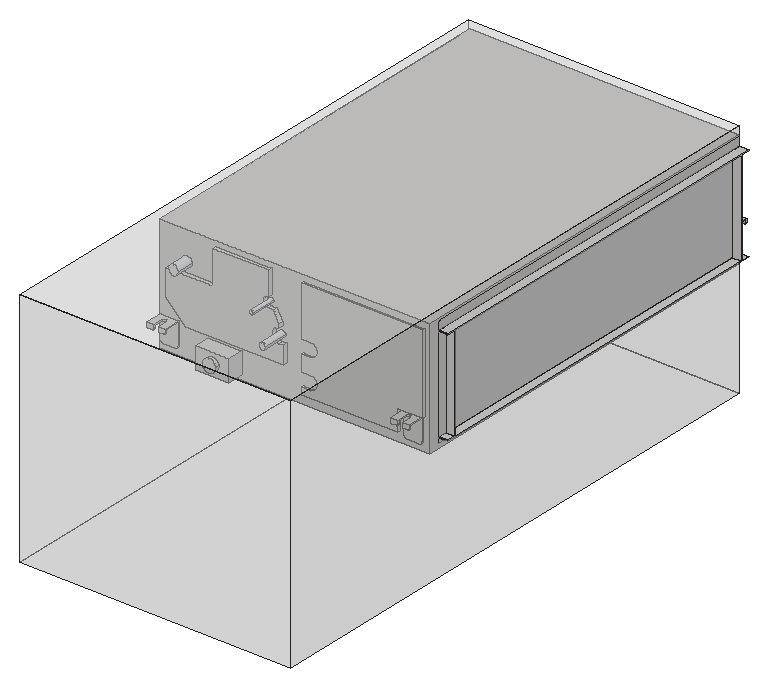
Revit family "outputfile", category 機械設備, Revit 2024
Family settings
  丸型コネクタ寸法 = 半径を使用
  パーツ タイプ = 標準
  OmniClass 番号 = 23.75.10.24.21.27.27
  OmniClass タイトル = Split System Air Conditioning Units
  作業面ベース = いいえ
  常に垂直 = はい
  ロード時にボイドで切り取り = いいえ
  注釈の向きを維持 = いいえ
  共有 = いいえ
  部屋計算ポイント = はい
Parameters (values of type "FXMQ80PAVS")
  Description = ""
  製造元 = "Daikin"
  書き出し IFC クラス(タイプ) = "IfcUnitaryEquipmentType"
  定義済み IFC タイプ(タイプ) = "AIRCONDITIONINGUNIT"
  Cost = 0
  モデル = "FXMQ80PAVS"
  Type Comments = ""
  Keynote = ""
  Type Image = (empty or 0)
  Assembly Code = ""
  r_Liquid Pipe Size = Liquid Pipe Size / 2  # 4.75 mm
  r_Gas Pipe Size = Gas Pipe Size / 2  # 7.95 mm
  r_Drain Pipe Size = Drain Pipe Size / 2  # 12.5 mm
  lw_power = 396.0 mm  # constant formula
  lh_SA = 165.0 mm  # constant formula
  lw_SA = if(Depth = 550.0 mm, 210.0 mm, if(Depth = 700.0 mm, 285.0 mm, if(Depth = 1000.0 mm, 435.0 mm, 635.0 mm)))  # 435.0 mm
  lw_RA = if(Depth = 550.0 mm, 288.0 mm, if(Depth = 700.0 mm, 363.0 mm, if(Depth = 1000.0 mm, 513.0 mm, 713.0 mm)))  # 513.0 mm
  lh_power = 60.0 mm + [h***]  # 60.0 mm
  lh_mountinghole1 = lh_mountinghole + [h***]  # 80.0 mm
  lh_RA = 150.0 mm  # constant formula
  ld_power = Depth / 2  # 500.0 mm
  Voltage_comment_50Hz = "220-240"
  Voltage_50Hz = 220 V
  URL = ""
  Supply Air Direction [instance] = yes
  Sound Power Level_H speed (dB) = 61
  Phase_50Hz = 1
  Minimum External Static Pressure = 50.00 Pa
  Minimum Circuit Amps_50Hz = 2.3 A
  Maximum Fuse Amps_50Hz = 16.0 A
  Maximum External Static Pressure = 200.00 Pa
  Material_Casing = DAIKIN_GalvanizedSteel_Casing_indoorunit
  lw_mountinghole = 631.0 mm  # constant formula
  lh_gaspipe = 144.0 mm + [h***]  # 144.0 mm
  lh_mountinghole = 80.0 mm  # constant formula
  lh_liquidpipe = 212.0 mm + [h***]  # 212.0 mm
  lh_drainpipe = 232.0 mm + [h***]  # 232.0 mm
  lh_antena = Height - lh_mountinghole + 1.0 mm  # 221.0 mm
  ld_drainpipe = Depth / 2 + 54.0 mm  # 554.0 mm
  ld_liquidpipe = 565.0 mm
  ld_gaspipe = 565.0 mm
  ld_mountinghole = Depth + 38.0 mm  # 1038.0 mm
  h*** = 0.0 mm  # constant formula
  lw_liquidpipe = 290.0 mm  # constant formula
  lw_gaspipe = 318.0 mm  # constant formula
  lw_drainpipe = 80.0 mm  # constant formula
  Width = 700.0 mm
  Version = "ver.1.0"
  Unit Type = "Middle-High Static Pressure Duct Type"
  Unit Mass Weight = 35.00 kg
  Unit Designation [instance] = ""
  Uniclass2015Version = "Products v1.30"
  Uniclass2015Title = "Variable refrigerant flow units"
  Uniclass2015Code = "Pr_70_65_03_94"
  Total Heating Capacity [instance] = 0.000 kW
  Total Cooling Capacity [instance] = 0.000 kW
  Sound Pressure Level_M speed (dBA) = 0
  Sound Pressure Level_L speed (dBA) = 39
  Sound Pressure Level_H speed (dBA) = 43
  Series = "VRV Fan Coil Unit"
  Sensible Cooling Capacity [instance] = 0.000 kW
  SA Duct Size Width = if(Depth = 550.0 mm, 310.0 mm, if(Depth = 700.0 mm, 460.0 mm, if(Depth = 1000.0 mm, 760.0 mm, 1160.0 mm)))  # 760.0 mm
  SA Duct Size Height = 215.0 mm
  Refrigerant Type = "R410A"
  RA Duct Size Width = if(Depth = 550.0 mm, 475.0 mm, if(Depth = 700.0 mm, 625.0 mm, if(Depth = 1000.0 mm, 925.0 mm, 1325.0 mm)))  # 925.0 mm
  RA Duct Size Height = 247.0 mm
  Power Input (Heating) = 0.286 kW
  Power Input (Cooling) = 0.298 kW
  Option Accessory 3 [instance] = ""
  Option Accessory 2 [instance] = ""
  Option Accessory 1 [instance] = ""
  Nominal Heating Capacity = 10.000 kW
  Nominal Cooling Capacity = 9.000 kW
  Minimum Airflow = 1200.00 m³/h
  Median Airflow = 1350.00 m³/h
  Maximum Airflow = 1500.00 m³/h
  Load Classification = HVAC
  Liquid Pipe Size = 9.5 mm
  Link_Nested Family [instance] = ""
  IfcVersion = "0"
  IfcExportType = "AIRCONDITIONINGUNIT"
  IfcExportAs = "IfcUnitaryEquipmentType"
  Height = 300.0 mm
  Heating Entering Wet Bulb Temperature [instance] = 0.00 °C
  Heating Entering Dry Bulb Temperature [instance] = 0.00 °C
  Heating Ambient Wet Bulb Temperature [instance] = 0.00 °C
  Heating Ambient Dry Bulb Temperature [instance] = 0.00 °C
  Heat Exchanger Type = "Cross Fin Coil"
  Gas Pipe Size = 15.9 mm
  Frequency_50Hz = 50 Hz
  Fan Type = "Sirocco Fan"
  Fan Drive = "Direct Drive"
  FCU Tag No. [instance] = ""
  Drain Pipe Size = 25.0 mm
  Design Supply Airflow [instance] = 0.00 m³/h
  Design Return Airflow [instance] = 0.00 m³/h
  Design External Static Pressure [instance] = 0.00 Pa
  Depth = 1000.0 mm
  既定の高さ = 0.0 mm
  Cooling Entering Wet Bulb Temperature [instance] = 0.00 °C
  Cooling Entering Dry Bulb Temperature [instance] = 0.00 °C
  Cooling Ambient Wet Bulb Temperature [instance] = 0.00 °C
  Cooling Ambient Dry Bulb Temperature [instance] = 0.00 °C
  Clearance visibility [instance] = yes
  Clearance Top = 20.0 mm
  Clearance Right = 0.0 mm
  Clearance Rear = 0.0 mm
  Clearance Left = 0.0 mm
  Clearance Front = 450.0 mm
  Clearance Bottom = 300.0 mm
Reference planes
  plane 1 "Center (Front/Back)": y = 0
  plane 2 "h": z = 0
  plane 3 "Center (Left/Right)": x = 0
  plane 4 "Back": y = 500
  plane 5 "Front": y = -500
  plane 6 "Left": x = -350
  plane 7 "Reight": x = 350
  plane 8 "Top": z = 0
  plane 9 "Bottom": z = -300
  plane 10: y = -215
  plane 11: y = 500
  plane 12: y = -950
  plane 13: x = -350
  plane 14: x = 350
  plane 15: z = 20
  plane 16: z = -600
  plane 17: x = -350
  plane 18: z = -135
  plane 19: x = -349
  plane 20: x = 349
  plane 21: y = 65
  plane 22: y = 13
  plane 23: z = -150
  plane 24: y = -510.8
  plane 25: z = -14
  plane 26: z = -219
  plane 27: x = -324
  plane 28: x = -60
  plane 29: x = -20
  plane 30: z = -156
  plane 31: x = -32
  plane 32: z = -88
  plane 33: x = 23
  plane 34: x = 335
  plane 35: z = -15.8
  plane 36: z = -274.8
  plane 37: z = -219.8
  plane 38: x = 271
  plane 39: x = -223.3
  plane 40: x = -138.3
  plane 41: z = -232.7
  plane 42: z = -288.5
  plane 43: y = -541
  plane 44: x = -181
  plane 45: z = -260
  plane 46: y = -551
  plane 47: z = -163.8
  plane 48: z = -239.8
  plane 49: x = 46
  plane 50: z = -88
  plane 51: x = -60
  plane 52: y = -565
  plane 53: z = -156
  plane 54: x = -32
  plane 55: y = -554
  plane 56: z = -68
  plane 57: x = -270
  plane 58: x = -270
  plane 59: x = -60
  plane 60: x = -32
  plane 61: x = 46
  plane 62: x = -323
  plane 63: x = 308
  plane 64: y = -519
  plane 65: y = 519
  plane 66: z = -220
  plane 67: y = -506
  plane 68: x = -204
  plane 69: z = -100.2
  plane 70: x = -374
  plane 71: x = 374
Forms (mm)
  Extrusion 1, solid, material "DAIKIN_GalvanizedSteel_Casing_indoorunit" <- "Material_Casing"
    sketch origin (0, 0, 0) x (1, 0, 0) y (0, 1, 0)
      loop
        line (-349, 500) -> (-349, -500) -> (349, -500) -> (349, 500) -> (-349, 500)
    from -300 to 0
  Extrusion 2, solid, material "DAIKIN_GalvanizedSteel_Casing_indoorunit" <- "Material_Casing"
    sketch origin (0, 0, 0) x (1, 0, 0) y (0, 0, 1)
      loop
        line (-324, -100.2) -> (-324, -168) -> (-273, -219) -> (-20, -219) -> (-20, -173.5) -> (-32, -173.5)
        arc (-32, -173.5) -> (-49.5, -156) -> (-32, -138.5) r 17.5
        line (-32, -138.5) -> (-32, -127.5) -> (-47, -101) -> (-60, -101)
        arc (-60, -101) -> (-73, -88) -> (-60, -75) r 13
        line (-60, -75) -> (-60, -14) -> (-204, -14) -> (-204, -100.2) -> (-324, -100.2)
    from 500 to 510.8
  Extrusion 3, solid, material "DAIKIN_GalvanizedSteel_Casing_indoorunit" <- "Material_Casing"
    sketch origin (0, 0, 0) x (1, 0, 0) y (0, 0, 1)
      loop
        line (23, -274.8) -> (271, -274.8) -> (271, -219.8) -> (335, -219.8) -> (335, -15.8) -> (23, -15.8) -> (23, -146.3) -> (46, -146.3)
        arc (46, -146.3) -> (63.5, -163.8) -> (46, -181.3) r 17.5
        line (46, -181.3) -> (23, -181.3) -> (23, -222.3) -> (46, -222.3)
        arc (46, -222.3) -> (63.5, -239.8) -> (46, -257.3) r 17.5
        line (46, -257.3) -> (23, -257.3) -> (23, -274.8)
    from 500 to 506
  Extrusion 4, solid, material "DAIKIN_GalvanizedSteel_Casing_indoorunit" <- "Material_Casing"
    sketch origin (0, 0, 0) x (1, 0, 0) y (0, 0, 1)
      loop
        line (-223.3, -232.7) -> (-223.3, -288.5) -> (-138.3, -288.5) -> (-138.3, -232.7) -> (-223.3, -232.7)
    from 500 to 541
  Extrusion 5, solid, material "DAIKIN_GalvanizedSteel_Casing_indoorunit" <- "Material_Casing"
    sketch origin (0, 0, 0) x (1, 0, 0) y (0, 0, 1)
      loop
        circle (-181, -260) r 16.5
    from 541 to 551
  Extrusion 6, solid
    sketch origin (0, 0, 0) x (1, 0, 0) y (0, 0, 1)
      loop
        circle (-60, -88) r 4.75
    from 500 to 565
  Extrusion 7, solid
    sketch origin (0, 0, 0) x (1, 0, 0) y (0, 0, 1)
      loop
        circle (-32, -156) r 7.95
    from 500 to 565
  Extrusion 8, solid
    sketch origin (0, 0, 0) x (1, 0, 0) y (0, 0, 1)
      loop
        circle (-270, -68) r 12.5
    from 510.8 to 554
Dimensions and locks
  "Height": plane 8 "Top" to plane 9 "Bottom"
  equal spacing: plane 4 "Back", plane 1 "Center (Front/Back)", plane 5 "Front"
  "Depth": plane 4 "Back" to plane 5 "Front"
  equal spacing: plane 6 "Left", plane 3 "Center (Left/Right)", plane 7 "Reight"
  "Width": plane 6 "Left" to plane 7 "Reight"
  "Clearance Left": plane 13 to plane 6 "Left"
  "Clearance Right": plane 7 "Reight" to plane 14
  "Clearance Rear": plane 11 to plane 4 "Back"
  "Clearance Front": plane 5 "Front" to plane 12
  "Clearance Top": plane 15 to plane 8 "Top"
  "Clearance Bottom": plane 9 "Bottom" to plane 16
  "lh_SA": plane 18 to plane 9 "Bottom"
  locked: plane 17 to plane 19 at 1
  locked: plane 20 to plane 14 at 1
  "lw_SA": plane 11 to plane 21
  "lw_RA": plane 22 to plane 5 "Front"
  "lh_RA": plane 23 to plane 9 "Bottom"
  locked: plane 5 "Front" to plane 24 at 10.8
  plane 29 to plane 28 to plane 27 to plane 6 "Left" = 40.0 mm, 264.0 mm, 26.0 mm
  locked: plane 31 to plane 6 "Left" at 318
  plane 34 to plane 33 to plane 6 "Left" = 312.0 mm locked, 373.0 mm locked
  locked: plane 34 to plane 38 at 64
  locked: plane 37 to plane 36 at 55
  plane 40 to plane 39 to plane 6 "Left" = 85.0 mm locked, 126.7 mm locked
  locked: plane 5 "Front" to plane 43 at 41
  locked: plane 44 to plane 6 "Left" at 169
  locked: plane 43 to plane 46 at 10
  plane 47 to plane 48 to plane 36 = 76.0 mm locked, 35.0 mm locked
  locked: plane 49 to plane 33 at 23
  "lw_liquidpipe": plane 51 to plane 6 "Left"
  "lh_liquidpipe": plane 50 to plane 9 "Bottom"
  "lh_gaspipe": plane 53 to plane 9 "Bottom"
  "lw_gaspipe": plane 54 to plane 6 "Left"
  "ld_gaspipe": plane 52 to plane 1 "Center (Front/Back)"
  "ld_drainpipe": plane 55 to plane 1 "Center (Front/Back)"
  "lh_drainpipe": plane 56 to plane 9 "Bottom"
  "lw_drainpipe": plane 57 to plane 6 "Left"
  "lw_drainpipe": plane 6 "Left" to plane 58
  "lw_liquidpipe": plane 6 "Left" to plane 59
  "lw_gaspipe": plane 6 "Left" to plane 60
  "lw_power": plane 6 "Left" to plane 61
  plane 17 to plane 62 = 27.0 mm
  "lw_mountinghole": plane 62 to plane 63
  equal spacing: plane 64, plane 1 "Center (Front/Back)", plane 65
  "ld_mountinghole": plane 65 to plane 64
  "lh_mountinghole": plane 66 to plane 9 "Bottom"
  plane 8 "Top" to plane 41 to plane 42 = 232.7 mm locked, 55.8 mm locked
  locked: plane 8 "Top" to plane 45 at 260
  plane 8 "Top" to plane 25 to plane 26 = 14.0 mm locked, 205.0 mm locked
  plane 8 "Top" to plane 32 to plane 30 = 88.0 mm locked, 68.0 mm locked
  plane 8 "Top" to plane 35 to plane 36 = 15.8 mm locked, 259.0 mm locked
  locked: plane 5 "Front" to plane 67 at 6
  locked: plane 25 to plane 69 at 86.2
  locked: plane 27 to plane 68 at 120
  locked: plane 70 to plane 6 "Left" at 24
  locked: plane 14 to plane 71 at 24
  "r_Liquid Pipe Size": radius of Extrusion 6 sketch curve
  "r_Gas Pipe Size": radius of Extrusion 7 sketch curve
  "r_Drain Pipe Size": radius of Extrusion 8 sketch curve
  aligned and locked: level to plane 2 "h"
  aligned and locked: plane 8 "Top" to Extrusion 1
  aligned and locked: Extrusion 1 to plane 9 "Bottom"
  aligned and locked: nested 5 to plane 12
  aligned and locked: plane 13 to nested 5
  aligned and locked: plane 14 to nested 5
  aligned and locked: nested 5 to plane 13
  aligned and locked: plane 11 to nested 5
  aligned and locked: plane 15 to nested 5
  aligned and locked: plane 16 to nested 5
  aligned and locked: plane 5 "Front" to Extrusion 1 sketch curve
  aligned and locked: Extrusion 1 to plane 19
  aligned and locked: plane 20 to Extrusion 1
  aligned and locked: nested 7 to plane 19
  aligned and locked: nested 7 to plane 21
  aligned and locked: plane 18 to nested 7
  aligned and locked: plane 20 to nested 8
  aligned and locked: plane 22 to nested 8
  aligned and locked: plane 23 to nested 8
  aligned and locked: Extrusion 2 to plane 24
  aligned and locked: plane 5 "Front" to Extrusion 2
  aligned and locked: plane 36 to Extrusion 3 sketch curve
  aligned and locked: plane 38 to Extrusion 3 sketch curve
  aligned and locked: plane 37 to Extrusion 3 sketch curve
  aligned and locked: Extrusion 3 sketch curve to plane 34
  aligned and locked: Extrusion 3 sketch curve to plane 35
  aligned and locked: Extrusion 3 sketch curve to plane 33
  aligned and locked: plane 5 "Front" to Extrusion 3
  aligned and locked: Extrusion 4 sketch curve to plane 41
  aligned and locked: Extrusion 4 sketch curve to plane 39
  aligned and locked: plane 42 to Extrusion 4 sketch curve
  aligned and locked: plane 40 to Extrusion 4 sketch curve
  aligned and locked: Extrusion 4 to plane 43
  aligned and locked: plane 5 "Front" to Extrusion 4
  aligned and locked: Extrusion 5 sketch curve to plane 44
  aligned and locked: plane 45 to Extrusion 5 sketch curve
  aligned and locked: Extrusion 5 to plane 46
  aligned and locked: plane 43 to Extrusion 5
  aligned and locked: Extrusion 6 sketch curve to plane 51
  aligned and locked: plane 50 to Extrusion 6 sketch curve
  aligned and locked: Extrusion 6 to plane 52
  aligned and locked: plane 5 "Front" to Extrusion 6
  aligned and locked: Extrusion 7 sketch curve to plane 54
  aligned and locked: plane 53 to Extrusion 7 sketch curve
  aligned and locked: Extrusion 7 to Extrusion 6
  aligned and locked: plane 5 "Front" to Extrusion 7
  aligned and locked: Extrusion 8 sketch curve to plane 57
  aligned and locked: plane 56 to Extrusion 8 sketch curve
  aligned and locked: Extrusion 8 to plane 55
  aligned and locked: plane 24 to Extrusion 8
  aligned and locked: nested 3 to plane 55
  aligned and locked: plane 58 to nested 3
  aligned and locked: nested 2 to plane 59
  aligned and locked: nested 2 to plane 52
  aligned and locked: nested 1 to plane 60
  aligned and locked: Extrusion 7 to plane 52
  aligned and locked: nested 1 to plane 52
  aligned and locked: nested 6 to plane 5 "Front"
  aligned and locked: nested 6 to plane 61
  aligned and locked: plane 62 to nested 10
  aligned and locked: nested 10 to plane 5 "Front"
  aligned and locked: plane 63 to nested 9
  aligned and locked: nested 9 to plane 5 "Front"
  aligned and locked: nested 11 to plane 62
  aligned and locked: plane 4 "Back" to nested 11
  aligned and locked: nested 12 to plane 63
  aligned and locked: plane 4 "Back" to nested 12
  aligned and locked: plane 66 to nested 10
  aligned and locked: plane 66 to nested 11
  aligned and locked: plane 66 to nested 9
  aligned and locked: plane 66 to nested 12
  aligned and locked: plane 62 to nested 14
  aligned and locked: nested 14 to plane 65
  aligned and locked: plane 63 to nested 13
  aligned and locked: nested 13 to plane 65
  aligned and locked: plane 63 to nested 16
  aligned and locked: plane 64 to nested 16
  aligned and locked: plane 64 to nested 15
  aligned and locked: plane 62 to nested 15
  aligned and locked: Extrusion 3 to plane 67
  aligned and locked: Extrusion 2 sketch curve to plane 68
  aligned and locked: plane 69 to Extrusion 2 sketch curve
  aligned and locked: nested 17 to plane 21
  aligned and locked: nested 17 to plane 70
  aligned and locked: plane 18 to nested 17
  aligned and locked: plane 22 to nested 18
  aligned and locked: plane 71 to nested 18
  aligned and locked: nested 18 to plane 23
  aligned and locked: nested 4 to plane 3 "Center (Left/Right)"
  aligned and locked: plane 1 "Center (Front/Back)" to nested 4
  aligned and locked: level to plane 8 "Top"
Automatic sketch dimensions
  plane 6 "Left" to Extrusion 1 sketch curve = 1.0 mm
  Extrusion 1 sketch curve to plane 7 "Reight" = 1.0 mm
  Extrusion 1 sketch curve to plane 4 "Back" = 0.0 mm
  Extrusion 3 sketch curve to plane 33 = 0.0 mm  (x2)
  Extrusion 3 sketch curve to plane 47 = 0.0 mm
  Extrusion 3 sketch curve to plane 49 = 0.0 mm  (x4)
  Extrusion 3 sketch curve to plane 48 = 0.0 mm
  Extrusion 3 sketch curve to plane 37 = 2.5 mm
  plane 23 to Extrusion 3 sketch curve = 3.7 mm
  plane 27 to Extrusion 2 sketch curve = 0.0 mm
  Extrusion 2 sketch curve to plane 26 = 0.0 mm
  Extrusion 2 sketch curve to plane 28 = 0.0 mm
  Extrusion 2 sketch curve to plane 31 = 0.0 mm
  Extrusion 2 sketch curve to plane 29 = 0.0 mm
  Extrusion 2 sketch curve to plane 30 = 0.0 mm
  Extrusion 2 sketch curve to plane 32 = 0.0 mm
  Extrusion 2 sketch curve to plane 25 = 0.0 mm
  Extrusion 2 sketch curve to Extrusion 2 sketch curve = 13.0 mm
  Extrusion 2 sketch curve to Extrusion 2 sketch curve = 17.5 mm
  plane 18 to Extrusion 2 sketch curve = 7.5 mm
  Extrusion 2 sketch curve to plane 58 = 3.0 mm
  Extrusion 2 sketch curve to plane 30 = 12.0 mm
  Extrusion 2 sketch curve to Extrusion 2 sketch curve = 0.8 mm
  radius of Extrusion 5 sketch curve = 16.5 mm
Nested families
  nested 1: "daikin_connector_rotate2" at (-32, 0, -156), length <- "ld_gaspipe", built-in parameter 1001364 <- "lh_gaspipe", radius <- "r_Gas Pipe Size", type "daikin_connector_rotate2"
    with radius 7.95 mm, length 565.0 mm, angle_vertical 90.00°
  nested 2: "daikin_connector_rotate2" at (-60, 0, -88), length <- "ld_liquidpipe", built-in parameter 1001364 <- "lh_liquidpipe", radius <- "r_Liquid Pipe Size", type "daikin_connector_rotate2"
    with radius 4.75 mm, length 565.0 mm, angle_vertical 90.00°
  nested 3: "daikin_connector_rotate2" at (-270, 0, -68), length <- "ld_drainpipe", built-in parameter 1001364 <- "lh_drainpipe", radius <- "r_Drain Pipe Size", type "daikin_connector_rotate2"
    with radius 12.5 mm, length 554.0 mm, angle_vertical 90.00°
  nested 4: "daikin_△_symbolicline" at (0, 0, 300) x (0, -1, 0) z (0, 0, 1), built-in parameter 1001364 <- "Height", visible <- "Supply Air Direction", type "daikin_△_symbolicline"
    with length 200.0 mm
  nested 5: "daikin_clearancespace" at (0, -225, -289.881), visible <- "Clearance visibility", show <- "Clearance visibility", Link_Nested Family <- "Link_Nested Family", type "daikin_clearancespace"
    with width 700.0 mm, show yes, height 620.0 mm, depth 1450.0 mm, Link_Nested Family ""
  nested 6: "daikin_connector_rotate2" at (46, 0, -240), built-in parameter 1001364 <- "lh_power", length <- "ld_power", type "daikin_connector_rotate2"
    with radius 10.0 mm, length 500.0 mm, angle_vertical 90.00°
  nested 7: "daikin_ductflange_FXMQ-PAVS2" at (-349, 65, -135) x (0, -1, 0) z (0, 0, 1), type "daikin_ductflange_FXMQ-PAVS2"
    with width 760.0 mm, w 1000.0 mm
  nested 8: "daikin_ductflange_FXMQ-PAVS" at (349, 13, -150) x (0, 1, 0) z (0, 0, 1), type "daikin_ductflange_FXMQ-PAVS"
    with width 925.0 mm, w 1000.0 mm
  nested 9: "daikin_hangerfixture_FXMQ-PAVS" at (308, -500, -220), type "daikin_hangerfixture_FXMQ-PAVS"
  nested 10: "daikin_hangerfixture_FXMQ-PAVS" at (-323, -500, -220), type "daikin_hangerfixture_FXMQ-PAVS"
  nested 11: "daikin_hangerfixture_FXMQ-PAVS" at (-323, 500, -220) x (-1, 0, 0) z (0, 0, 1), type "daikin_hangerfixture_FXMQ-PAVS"
  nested 12: "daikin_hangerfixture_FXMQ-PAVS" at (308, 500, -220) x (-1, 0, 0) z (0, 0, 1), type "daikin_hangerfixture_FXMQ-PAVS"
  nested 13: "daikin_mountinghole" at (308, 519, -300), h_mountinghole <- "lh_mountinghole1", l_antenna <- "lh_antena", Link_Nested Family <- "Link_Nested Family", type "daikin_mountinghole"
    with show yes, l_antenna 221.0 mm, h_mountinghole 80.0 mm, Link_Nested Family ""
  nested 14: "daikin_mountinghole" at (-323, 519, -300), h_mountinghole <- "lh_mountinghole1", l_antenna <- "lh_antena", Link_Nested Family <- "Link_Nested Family", type "daikin_mountinghole"
    with show yes, l_antenna 221.0 mm, h_mountinghole 80.0 mm, Link_Nested Family ""
  nested 15: "daikin_mountinghole" at (-323, -519, -300), h_mountinghole <- "lh_mountinghole1", l_antenna <- "lh_antena", Link_Nested Family <- "Link_Nested Family", type "daikin_mountinghole"
    with show yes, l_antenna 221.0 mm, h_mountinghole 80.0 mm, Link_Nested Family ""
  nested 16: "daikin_mountinghole" at (308, -519, -300), h_mountinghole <- "lh_mountinghole1", l_antenna <- "lh_antena", Link_Nested Family <- "Link_Nested Family", type "daikin_mountinghole"
    with show yes, l_antenna 221.0 mm, h_mountinghole 80.0 mm, Link_Nested Family ""
  nested 17: "daikin_connector_rotate2" at (-350, 65, -135) x (0, -1, 0) z (0, 0, 1), type "daikin_connector_rotate2"
    with radius 10.0 mm, length 24.0 mm, angle_vertical 90.00°
  nested 18: "daikin_connector_rotate2" at (350, 13, -150) x (0, 1, 0) z (0, 0, 1), type "daikin_connector_rotate2"
    with radius 10.0 mm, length 24.0 mm, angle_vertical 90.00°
Connectors
  piping at (-270, -554, -68), diameter 25, driven by "r_Drain Pipe Size"
    settings: on nested 3, index 3, connector inside diameter 609.6 mm, connector length 0.0 mm, flow factor 0, pipe flow 0.00 m³/h, pressure drop 0.0 Pa, fitting loss kfactor 0, connector angle 0.00°, fixture units 0, engagement length 0.0 mm, angle of deflection 0.00°, flow configuration 1, flow direction 2, fitting loss method 4, system type 16, joint type 0, gender type 0, connector reference index -1, connector utility 0, adjustable connector no, is connector primary yes, connector description "Condensate Drain Piping"
  piping at (-32, -565, -156), diameter 15.9, driven by "r_Gas Pipe Size"
    settings: on nested 1, index 4, connector inside diameter 609.6 mm, connector length 0.0 mm, flow factor 0, pipe flow 0.00 m³/h, pressure drop 0.0 Pa, fitting loss kfactor 0, connector angle 0.00°, fixture units 0, engagement length 0.0 mm, angle of deflection 0.00°, flow configuration 1, flow direction 2, fitting loss method 0, system type 29, joint type 0, gender type 0, connector reference index -1, connector utility 0, adjustable connector no, is connector primary no, connector description "Refrigerant Gas Piping"
  piping at (-60, -565, -88), diameter 9.5, driven by "r_Liquid Pipe Size"
    settings: on nested 2, index 5, connector inside diameter 609.6 mm, connector length 0.0 mm, flow factor 0, pipe flow 0.00 m³/h, pressure drop 0.0 Pa, fitting loss kfactor 0, connector angle 0.00°, fixture units 0, engagement length 0.0 mm, angle of deflection 0.00°, flow configuration 1, flow direction 1, fitting loss method 0, system type 29, joint type 0, gender type 0, connector reference index -1, connector utility 0, adjustable connector no, is connector primary no, connector description "Refrigerant Liquid Piping"
  electrical at (46, -500, -240), driven by "Load Classification"
    settings: on nested 6, index 6, voltage 0 V, apparent load 0 VA, apparent load phase1 0 VA, apparent load phase2 0 VA, apparent load phase3 0 VA, power factor 1, load classification "HVAC", number of poles 1, system type 30, power factor state 1, is connector primary yes, connector utility no, sub classification motor no, connector description "Power Supply"
  hvac at (-374, 65, -135), driven by "SA Duct Size Height", driven by "SA Duct Size Width"
    settings: on nested 17, index 7, duct flow 0.00 m³/h, flow factor 0, pres drop 0.00 Pa, loss coef 0, conn angle 0.00°, conn width 760.0 mm, conn height 215.0 mm, conn diameter 609.6 mm, duct sys type 1, conn prof type 1, flow config 0, flow direction 2, loss method 4, conn ref index -1, conn util no, is conn primary yes, conn desc "SA Duct"
  hvac at (374, 13, -150), driven by "RA Duct Size Height", driven by "RA Duct Size Width"
    settings: on nested 18, index 8, duct flow 0.00 m³/h, flow factor 0, pres drop 0.00 Pa, loss coef 0, conn angle 0.00°, conn width 925.0 mm, conn height 247.0 mm, conn diameter 609.6 mm, duct sys type 2, conn prof type 1, flow config 0, flow direction 1, loss method 4, conn ref index -1, conn util no, is conn primary no, conn desc "RA Duct"
Definition of nested family "daikin_clearancespace"
  Parameters (values of type "daikin_clearancespace")
    width [instance] = 1823.963 mm
    show [instance] = yes
    material = none
    height [instance] = 1359.762 mm
    depth [instance] = 880.0 mm
    Default Elevation = 0.0 mm
    Link_Nested Family [instance] = ""
  Reference planes
    plane 1 "Center (Front/Back)": y = 0
    plane 2 "Center (Elevation)": z = -0.119
    plane 3 "Center (Left/Right)": x = 0
    plane 4: y = 440
    plane 5: y = -440
    plane 6 "Right": x = 911.982
    plane 7 "Left": x = -911.982
    plane 8 "Top": z = 679.762
    plane 9 "Bottom": z = -680
  Forms (mm)
    Extrusion 1, solid, material <- "material", visible <- "show"
      sketch origin (0, 0, 0) x (1, 0, 0) y (0, 1, 0)
        loop
          line (-911.982, 440) -> (-911.982, -440) -> (911.982, -440) -> (911.982, 440) -> (-911.982, 440)
      from -680 to 679.762
  Lines and regions (mm)
    symbolic lines, visible <- "show"
      curve 1: line (911.982, 440, 0) -> (-911.982, 440, 0)
      curve 2: line (-911.982, 440, 0) -> (-911.982, -440, 0)
      curve 3: line (-911.982, -440, 0) -> (911.982, -440, 0)
      curve 4: line (911.982, -440, 0) -> (911.982, 440, 0)
      curve 5: line (911.982, 0, 679.762) -> (-911.982, 0, 679.762)
      curve 6: line (911.982, 0, -680) -> (911.982, 0, 679.762)
      curve 7: line (-911.982, 0, -680) -> (911.982, 0, -680)
      curve 8: line (-911.982, 0, 679.762) -> (-911.982, 0, -680)
      curve 9: line (0, 440, 679.762) -> (0, -440, 679.762)
      curve 10: line (0, -440, 679.762) -> (0, -440, -680)
      curve 11: line (0, 440, -680) -> (0, 440, 679.762)
      curve 12: line (0, -440, -680) -> (0, 440, -680)
  Dimensions and locks
    "width": plane 7 "Left" to plane 6 "Right"
    "depth": plane 4 to plane 5
    "height": plane 8 "Top" to plane 9 "Bottom"
    equal spacing: plane 7 "Left", plane 3 "Center (Left/Right)", plane 6 "Right"
    equal spacing: plane 4, plane 1 "Center (Front/Back)", plane 5
    equal spacing: plane 8 "Top", plane 2 "Center (Elevation)", plane 9 "Bottom"
    aligned and locked: level to plane 2 "Center (Elevation)"
    aligned and locked: Extrusion 1 sketch curve to plane 4
    aligned and locked: plane 7 "Left" to Extrusion 1 sketch curve
    aligned and locked: Extrusion 1 sketch curve to plane 5
    aligned and locked: Extrusion 1 sketch curve to plane 6 "Right"
    aligned and locked: plane 8 "Top" to Extrusion 1
    aligned and locked: curve 1 to Extrusion 1
    aligned and locked: curve 2 to Extrusion 1
    aligned and locked: curve 3 to Extrusion 1
    aligned and locked: curve 4 to Extrusion 1
    aligned and locked: curve 5 to Extrusion 1
    aligned and locked: curve 6 to Extrusion 1
    aligned and locked: curve 7 to Extrusion 1
    aligned and locked: curve 8 to Extrusion 1
    aligned and locked: curve 9 to Extrusion 1
    aligned and locked: curve 10 to Extrusion 1
    aligned and locked: curve 11 to Extrusion 1
    aligned and locked: curve 12 to Extrusion 1
    aligned and locked: Extrusion 1 to plane 9 "Bottom"
Definition of nested family "daikin_ductflange_FXMQ-PAVS2"
  Parameters (values of type "daikin_ductflange_FXDSQ-AVM2")
    width = if(w = 550.0 mm, 310.0 mm, if(w = 700.0 mm, 460.0 mm, if(w = 1000.0 mm, 760.0 mm, 1160.0 mm)))  # 310.0 mm
    material = none
    height = 215.0 mm
    depth = 1.0 mm
    w = 550.0 mm
    Default Elevation = 0.0 mm
  Reference planes
    plane 1 "Center (Front/Back)": y = 0
    plane 2: z = 0
    plane 3 "Center (Left/Right)": x = 0
    plane 4: z = 107.5
    plane 5: z = -107.5
    plane 6: y = -25
    plane 7: z = 132.5
    plane 8: z = 108.5
    plane 9: y = -1
    plane 10: x = -177.5
    plane 11: x = 177.5
    plane 12: z = -132.5
    plane 13: z = -108.5
    plane 14: y = -1
    plane 15: x = 155
    plane 16: x = -155
    plane 17: x = 156
    plane 18: z = 106.5
    plane 19: z = -106.5
    plane 20: x = -156
    plane 21: z = 106.5
    plane 22: z = -106.5
    plane 23: y = -1
  Forms (mm)
    Extrusion 1, solid, material <- "material"
      sketch origin (0, 0, 0) x (0, 1, 0) y (0, 0, 1)
        loop
          line (-25, 107.5) -> (0, 107.5) -> (0, 132.5) -> (-1, 132.5) -> (-1, 108.5) -> (-25, 108.5) -> (-25, 107.5)
      from -177.5 to 177.5
    Extrusion 2, solid, material <- "material"
      sketch origin (0, 0, 0) x (0, 1, 0) y (0, 0, 1)
        loop
          line (-25, -107.5) -> (-25, -108.5) -> (-1, -108.5) -> (-1, -132.5) -> (0, -132.5) -> (0, -107.5) -> (-25, -107.5)
      from -177.5 to 177.5
    Extrusion 3, solid, material <- "material"
      sketch origin (0, 0, 0) x (1, 0, 0) y (0, 0, 1)
        loop
          line (155, 107.5) -> (155, -107.5) -> (177.5, -107.5) -> (177.5, -106.5) -> (156, -106.5) -> (156, 106.5) -> (177.5, 106.5) -> (177.5, 107.5) -> (155, 107.5)
      from 0 to 25
    Extrusion 4, solid, material <- "material"
      sketch origin (0, 0, 0) x (1, 0, 0) y (0, 0, 1)
        loop
          line (-177.5, 107.5) -> (-177.5, 106.5) -> (-156, 106.5) -> (-156, -106.5) -> (-177.5, -106.5) -> (-177.5, -107.5) -> (-155, -107.5) -> (-155, 107.5) -> (-177.5, 107.5)
      from 0 to 25
    Extrusion 5, solid, material <- "material"
      sketch origin (0, 0, 0) x (1, 0, 0) y (0, 0, 1)
        loop
          line (-177.5, 107.5) -> (-177.5, -107.5) -> (-155, -107.5) -> (-155, 107.5) -> (-177.5, 107.5)
        loop
          line (177.5, 107.5) -> (155, 107.5) -> (155, -107.5) -> (177.5, -107.5) -> (177.5, 107.5)
      from 0 to 1
  Cuts and joins
    joined: Extrusion 1, Extrusion 2, Extrusion 3, Extrusion 4, Extrusion 5
  Dimensions and locks
    plane 4 to level to plane 5 = 107.5 mm locked, 107.5 mm locked
    locked: plane 6 to plane 1 "Center (Front/Back)" at 25
    locked: plane 9 to plane 1 "Center (Front/Back)" at 1
    locked: plane 8 to plane 4 at 1
    locked: plane 11 to plane 15 at 22.5
    locked: plane 16 to plane 10 at 22.5
    locked: plane 17 to plane 15 at 1
    locked: plane 4 to plane 18 at 1
    locked: plane 19 to plane 5 at 1
    "width": plane 15 to plane 16
    plane 4 to plane 5 = 215.0 mm
    equal spacing: plane 15, plane 3 "Center (Left/Right)", plane 16
    locked: plane 16 to plane 20 at 1
    locked: plane 4 to plane 21 at 1
    locked: plane 22 to plane 5 at 1
    locked: plane 23 to plane 1 "Center (Front/Back)" at 1
    aligned and locked: level to plane 2
    aligned and locked: Extrusion 1 to plane 10
    aligned and locked: plane 11 to Extrusion 1
    aligned and locked: plane 5 to Extrusion 2
    aligned and locked: Extrusion 2 to plane 1 "Center (Front/Back)"
    aligned and locked: plane 15 to Extrusion 3 sketch curve
    aligned and locked: Extrusion 3 sketch curve to Extrusion 2  (x2)
    aligned and locked: Extrusion 3 sketch curve to plane 11
    aligned and locked: plane 6 to Extrusion 3
    aligned and locked: Extrusion 2 to plane 10
    aligned and locked: plane 11 to Extrusion 2
    aligned and locked: Extrusion 4 sketch curve to Extrusion 1  (x2)
    aligned and locked: plane 5 to Extrusion 4 sketch curve
    aligned and locked: Extrusion 4 sketch curve to plane 16
    aligned and locked: Extrusion 4 sketch curve to plane 22
    aligned and locked: plane 20 to Extrusion 4 sketch curve
    aligned and locked: plane 21 to Extrusion 4 sketch curve
    aligned and locked: Extrusion 4 to plane 1 "Center (Front/Back)"
    aligned and locked: plane 6 to Extrusion 4
    aligned and locked: Extrusion 5 sketch curve to Extrusion 1  (x4)
    aligned and locked: Extrusion 5 sketch curve to Extrusion 4  (x2)
    aligned and locked: Extrusion 5 sketch curve to Extrusion 3  (x2)
    aligned and locked: Extrusion 5 to plane 1 "Center (Front/Back)"
    aligned and locked: plane 23 to Extrusion 5
  Automatic sketch dimensions
    Extrusion 1 sketch curve to plane 6 = 0.0 mm
    Extrusion 1 sketch curve to plane 7 = 0.0 mm
    Extrusion 1 sketch curve to plane 9 = 0.0 mm
    Extrusion 1 sketch curve to plane 1 "Center (Front/Back)" = 0.0 mm
    Extrusion 1 sketch curve to plane 4 = 0.0 mm
    Extrusion 1 sketch curve to plane 8 = 0.0 mm
    Extrusion 2 sketch curve to plane 6 = 0.0 mm
    plane 12 to Extrusion 2 sketch curve = 0.0 mm
    Extrusion 2 sketch curve to plane 14 = 0.0 mm
    Extrusion 2 sketch curve to plane 1 "Center (Front/Back)" = 0.0 mm
    plane 13 to Extrusion 2 sketch curve = 0.0 mm
    Extrusion 2 sketch curve to plane 5 = 0.0 mm
    Extrusion 3 sketch curve to plane 17 = 0.0 mm
    Extrusion 3 sketch curve to plane 19 = 0.0 mm
    Extrusion 3 sketch curve to plane 18 = 0.0 mm
    Extrusion 3 sketch curve to plane 4 = 0.0 mm
    Extrusion 4 sketch curve to plane 10 = 0.0 mm
Definition of nested family "daikin_ductflange_FXMQ-PAVS"
  Parameters (values of type "daikin_ductflange_FXDSQ-AVM")
    width = if(w = 550.0 mm, 475.0 mm, if(w = 700.0 mm, 625.0 mm, if(w = 1000.0 mm, 925.0 mm, 1325.0 mm)))  # 475.0 mm
    material = none
    height = 247.0 mm
    depth = 1.0 mm
    w = 550.0 mm
    Default Elevation = 0.0 mm
  Reference planes
    plane 1 "Center (Front/Back)": y = 0
    plane 2: z = 0
    plane 3 "Center (Left/Right)": x = 0
    plane 4: z = 123.5
    plane 5: z = -123.5
    plane 6: y = -25
    plane 7: z = 146.5
    plane 8: z = 124.5
    plane 9: y = -1
    plane 10: x = -260
    plane 11: x = 260
    plane 12: z = -137
    plane 13: z = -124.5
    plane 14: y = -1
    plane 15: x = 237.5
    plane 16: x = -237.5
    plane 17: x = 238.5
    plane 18: z = 122.5
    plane 19: z = -122.5
    plane 20: x = -238.5
    plane 21: z = 122.5
    plane 22: z = -122.5
    plane 23: y = -1
  Forms (mm)
    Extrusion 1, solid, material <- "material"
      sketch origin (0, 0, 0) x (0, 1, 0) y (0, 0, 1)
        loop
          line (-25, 123.5) -> (0, 123.5) -> (0, 146.5) -> (-1, 146.5) -> (-1, 124.5) -> (-25, 124.5) -> (-25, 123.5)
      from -260 to 260
    Extrusion 2, solid, material <- "material"
      sketch origin (0, 0, 0) x (0, 1, 0) y (0, 0, 1)
        loop
          line (-25, -123.5) -> (-25, -124.5) -> (-1, -124.5) -> (-1, -137) -> (0, -137) -> (0, -123.5) -> (-25, -123.5)
      from -260 to 260
    Extrusion 3, solid, material <- "material"
      sketch origin (0, 0, 0) x (1, 0, 0) y (0, 0, 1)
        loop
          line (237.5, 123.5) -> (237.5, -123.5) -> (260, -123.5) -> (260, -122.5) -> (238.5, -122.5) -> (238.5, 122.5) -> (260, 122.5) -> (260, 123.5) -> (237.5, 123.5)
      from 0 to 25
    Extrusion 4, solid, material <- "material"
      sketch origin (0, 0, 0) x (1, 0, 0) y (0, 0, 1)
        loop
          line (-260, 123.5) -> (-260, 122.5) -> (-238.5, 122.5) -> (-238.5, -122.5) -> (-260, -122.5) -> (-260, -123.5) -> (-237.5, -123.5) -> (-237.5, 123.5) -> (-260, 123.5)
      from 0 to 25
    Extrusion 5, solid, material <- "material"
      sketch origin (0, 0, 0) x (1, 0, 0) y (0, 0, 1)
        loop
          line (-260, 123.5) -> (-260, -123.5) -> (-237.5, -123.5) -> (-237.5, 123.5) -> (-260, 123.5)
        loop
          line (260, 123.5) -> (237.5, 123.5) -> (237.5, -123.5) -> (260, -123.5) -> (260, 123.5)
      from 0 to 1
  Cuts and joins
    joined: Extrusion 1, Extrusion 2, Extrusion 3, Extrusion 4, Extrusion 5
  Dimensions and locks
    plane 4 to level to plane 5 = 123.5 mm, 123.5 mm
    locked: plane 6 to plane 1 "Center (Front/Back)" at 25
    locked: plane 9 to plane 1 "Center (Front/Back)" at 1
    locked: plane 8 to plane 4 at 1
    locked: plane 11 to plane 15 at 22.5
    locked: plane 16 to plane 10 at 22.5
    locked: plane 17 to plane 15 at 1
    locked: plane 4 to plane 18 at 1
    locked: plane 19 to plane 5 at 1
    "width": plane 15 to plane 16
    equal spacing: plane 15, plane 3 "Center (Left/Right)", plane 16
    locked: plane 16 to plane 20 at 1
    locked: plane 4 to plane 21 at 1
    locked: plane 22 to plane 5 at 1
    locked: plane 23 to plane 1 "Center (Front/Back)" at 1
    equal spacing: plane 4, level, plane 5
    locked: plane 7 to plane 4 at 23
    locked: plane 5 to plane 12 at 13.5
    locked: plane 1 "Center (Front/Back)" to plane 14 at 1
    locked: plane 5 to plane 13 at 1
    locked: plane 4 to plane 5 at 247
    aligned and locked: level to plane 2
    aligned and locked: Extrusion 1 to plane 10
    aligned and locked: plane 11 to Extrusion 1
    aligned and locked: plane 5 to Extrusion 2
    aligned and locked: Extrusion 2 to plane 1 "Center (Front/Back)"
    aligned and locked: plane 15 to Extrusion 3 sketch curve
    aligned and locked: Extrusion 3 sketch curve to Extrusion 2  (x2)
    aligned and locked: Extrusion 3 sketch curve to plane 11
    aligned and locked: plane 6 to Extrusion 3
    aligned and locked: Extrusion 2 to plane 10
    aligned and locked: plane 11 to Extrusion 2
    aligned and locked: Extrusion 4 sketch curve to Extrusion 1  (x2)
    aligned and locked: plane 5 to Extrusion 4 sketch curve
    aligned and locked: Extrusion 4 sketch curve to plane 16
    aligned and locked: Extrusion 4 sketch curve to plane 22
    aligned and locked: plane 20 to Extrusion 4 sketch curve
    aligned and locked: plane 21 to Extrusion 4 sketch curve
    aligned and locked: Extrusion 4 to plane 1 "Center (Front/Back)"
    aligned and locked: plane 6 to Extrusion 4
    aligned and locked: Extrusion 5 sketch curve to Extrusion 1  (x4)
    aligned and locked: Extrusion 5 sketch curve to Extrusion 4  (x2)
    aligned and locked: Extrusion 5 sketch curve to Extrusion 3  (x2)
    aligned and locked: Extrusion 5 to plane 1 "Center (Front/Back)"
    aligned and locked: plane 23 to Extrusion 5
  Automatic sketch dimensions
    Extrusion 1 sketch curve to plane 6 = 0.0 mm
    Extrusion 1 sketch curve to plane 7 = 0.0 mm
    Extrusion 1 sketch curve to plane 9 = 0.0 mm
    Extrusion 1 sketch curve to plane 1 "Center (Front/Back)" = 0.0 mm
    Extrusion 1 sketch curve to plane 4 = 0.0 mm
    Extrusion 1 sketch curve to plane 8 = 0.0 mm
    Extrusion 2 sketch curve to plane 6 = 0.0 mm
    plane 12 to Extrusion 2 sketch curve = 0.0 mm
    Extrusion 2 sketch curve to plane 14 = 0.0 mm
    Extrusion 2 sketch curve to plane 1 "Center (Front/Back)" = 0.0 mm
    plane 13 to Extrusion 2 sketch curve = 0.0 mm
    Extrusion 2 sketch curve to plane 5 = 0.0 mm
    Extrusion 3 sketch curve to plane 17 = 0.0 mm
    Extrusion 3 sketch curve to plane 19 = 0.0 mm
    Extrusion 3 sketch curve to plane 18 = 0.0 mm
    Extrusion 3 sketch curve to plane 4 = 0.0 mm
    Extrusion 4 sketch curve to plane 10 = 0.0 mm
Definition of nested family "daikin_hangerfixture_FXMQ-PAVS"
  Parameters (values of type "daikin_hangerfixture_FXMQ-PAVE")
    width = 48.0 mm
    material = none
    height = 65.0 mm
    depth = 45.0 mm
    Default Elevation = 0.0 mm
  Reference planes
    plane 1 "Center (Front/Back)": y = 0
    plane 2: z = 0
    plane 3 "Center (Left/Right)": x = 0
    plane 4: y = 417.146
    plane 5: y = -45
    plane 6: x = -24
    plane 7: x = 24
    plane 8: z = -2.3
    plane 9: z = -65
    plane 10: y = -2.3
    plane 11: z = -12
    plane 12: y = -42.7
  Forms (mm)
    Extrusion 1, solid, material <- "material"
      sketch origin (0, 0, 0) x (1, 0, 0) y (0, 1, 0)
        loop
          line (24, 0) -> (-24, 0) -> (-24, -45) -> (-6, -45) -> (-6, -19)
          arc (-6, -19) -> (0, -13) -> (6, -19) r 6
          line (6, -19) -> (6, -45) -> (24, -45) -> (24, 0)
      from 0 to -2.3
    Extrusion 2, solid, material <- "material"
      sketch origin (0, 0, 0) x (1, 0, 0) y (0, 0, 1)
        loop
          line (24, -55) -> (24, 0) -> (-24, 0) -> (-24, -55)
          arc (-24, -55) -> (-21.071, -62.071) -> (-14, -65) r 10
          line (-14, -65) -> (14, -65)
          arc (14, -65) -> (21.071, -62.071) -> (24, -55) r 10
      from 0 to 2.3
    Extrusion 3, solid, material <- "material"
      sketch origin (0, 0, 0) x (1, 0, 0) y (0, 0, 1)
        loop
          line (-6, -9) -> (-6, 0) -> (-24, 0) -> (-24, -9)
          arc (-24, -9) -> (-23.121, -11.121) -> (-21, -12) r 3
          line (-21, -12) -> (-9, -12)
          arc (-9, -12) -> (-6.879, -11.121) -> (-6, -9) r 3
        loop
          line (6, 0) -> (6, -9)
          arc (6, -9) -> (6.879, -11.121) -> (9, -12) r 3
          line (9, -12) -> (21, -12)
          arc (21, -12) -> (23.121, -11.121) -> (24, -9) r 3
          line (24, -9) -> (24, 0) -> (6, 0)
      from 42.7 to 45
  Cuts and joins
    joined: Extrusion 1, Extrusion 2, Extrusion 3
  Dimensions and locks
    "width": plane 6 to plane 7
    "depth": plane 5 to plane 1 "Center (Front/Back)"
    plane 2 to plane 8 = 2.3 mm
    "height": plane 2 to plane 9
    locked: plane 10 to plane 1 "Center (Front/Back)" at 2.3
    locked: plane 2 to plane 11 at 12
    locked: plane 12 to plane 5 at 2.3
    aligned and locked: level to plane 2
    aligned and locked: Extrusion 1 sketch curve to plane 1 "Center (Front/Back)"
    aligned and locked: plane 7 to Extrusion 1
    aligned and locked: Extrusion 1 to plane 6
    aligned and locked: Extrusion 1 to plane 5  (x2)
    aligned and locked: Extrusion 1 to plane 8
    aligned and locked: plane 2 to Extrusion 1
    aligned and locked: plane 2 to Extrusion 2 sketch curve
    aligned and locked: Extrusion 2 to plane 9
    aligned and locked: Extrusion 2 to plane 10
    aligned and locked: Extrusion 2 to plane 1 "Center (Front/Back)"
    aligned and locked: plane 2 to Extrusion 3 sketch curve  (x2)
    aligned and locked: Extrusion 3 to plane 11  (x2)
    aligned and locked: plane 12 to Extrusion 3
    aligned and locked: Extrusion 3 to plane 5
  Automatic sketch dimensions
    Extrusion 1 sketch curve to plane 6 = 0.0 mm
    Extrusion 1 sketch curve to plane 5 = 0.0 mm  (x2)
    Extrusion 1 sketch curve to plane 3 "Center (Left/Right)" = 0.0 mm
    Extrusion 1 sketch curve to plane 7 = 0.0 mm
    Extrusion 1 sketch curve to plane 3 "Center (Left/Right)" = 6.0 mm
    plane 1 "Center (Front/Back)" to Extrusion 1 sketch curve = 19.0 mm
    Extrusion 2 sketch curve to plane 7 = 0.0 mm
    Extrusion 2 sketch curve to plane 7 = 10.0 mm
    Extrusion 2 sketch curve to plane 8 = 52.7 mm
    plane 6 to Extrusion 2 sketch curve = 10.0 mm
    Extrusion 2 sketch curve to plane 6 = 0.0 mm
    Extrusion 3 sketch curve to plane 6 = 0.0 mm
    Extrusion 3 sketch curve to plane 7 = 0.0 mm
    Extrusion 3 sketch curve to Extrusion 3 sketch curve = 3.0 mm  (x2)
    Extrusion 3 sketch curve to plane 8 = 6.7 mm
    Extrusion 3 sketch curve to plane 3 "Center (Left/Right)" = 9.0 mm
    Extrusion 3 sketch curve to plane 3 "Center (Left/Right)" = 6.0 mm
    plane 3 "Center (Left/Right)" to Extrusion 3 sketch curve = 6.0 mm
    Extrusion 3 sketch curve to plane 7 = 3.0 mm
    Extrusion 3 sketch curve to plane 8 = 9.7 mm
Definition of nested family "daikin_connector_rotate2"
  Parameters (values of type "daikin_connector_rotate2")
    Default Elevation = 1219.2 mm
    show_face = no
    radius [instance] = 10.0 mm
    length [instance] = 600.0 mm
    d_surface = 10.0 mm
    angle_vertical [instance] = 90.00°
  Reference planes
    plane 1 "Center (Front/Back)": y = 0
    plane 2: z = 0
    plane 3 "Center (Left/Right)": x = 0
  Forms (mm)
    Extrusion 1, solid, visible <- "show_face"
      sketch origin (0, -600, 0) x (1, 0, 0) y (0, 0, 1)
        loop
          circle (0, 0) r 10
      from 0 to -10
  Lines and regions (mm)
    reference lines
      curve 1: line (0, 0, 0) -> (0, -600, 0)
    symbolic lines
      curve 2: circle (0, 0, 0) r 5 normal (0, 0, 1)
    model lines, visible <- "show_face"
      curve 3: line (0, 0, 0) -> (0, -600, 0)
  Dimensions and locks
    "length": curve 1 to curve 1
    "length": curve 3 to curve 3
    "d_surface": Extrusion 1 to Extrusion 1
    "radius": radius of Extrusion 1 sketch curve
    "angle_vertical": angle curve 1 to plane 1 "Center (Front/Back)"
    "angle_vertical": angle curve 3 to plane 1 "Center (Front/Back)"
    aligned and locked: level to plane 2
    aligned and locked: plane 1 "Center (Front/Back)" to curve 1
    aligned and locked: plane 2 to curve 1
    aligned and locked: plane 1 "Center (Front/Back)" to curve 2
    aligned and locked: plane 3 "Center (Left/Right)" to curve 2
    aligned and locked: plane 1 "Center (Front/Back)" to curve 3
    aligned and locked: plane 2 to curve 3
    aligned and locked: Extrusion 1 to Extrusion 1
  Automatic sketch dimensions
    Extrusion 1 sketch curve to level = 0.0 mm
    Extrusion 1 sketch curve to plane 3 "Center (Left/Right)" = 0.0 mm
    radius of curve 2 = 5.0 mm
Definition of nested family "daikin_△_symbolicline"
  Parameters (values of type "daikin_△_symbolicline")
    length [instance] = 200.0 mm
    Default Elevation = 0.0 mm
  Reference planes
    plane 1 "Center (Front/Back)": y = 0
    plane 2: z = 0
    plane 3 "Center (Left/Right)": x = 0
  Lines and regions (mm)
    symbolic lines
      curve 1: line (0, -173.205, 0) -> (100, 0, 0)
      curve 2: line (100, 0, 0) -> (-100, 0, 0)
      curve 3: line (-100, 0, 0) -> (0, -173.205, 0)
  Dimensions and locks
    equal spacing: curve 3, plane 3 "Center (Left/Right)", curve 2
    "length": curve 3 to curve 2
    "length": curve 3 to curve 3
    "length": curve 1 to curve 1
    aligned and locked: level to plane 2
    aligned and locked: curve 2 to plane 1 "Center (Front/Back)"
    aligned and locked: plane 3 "Center (Left/Right)" to curve 3
Definition of nested family "daikin_mountinghole"
  Parameters (values of type "daikin_mountinghole")
    Default Elevation = 1219.2 mm
    Type Comments = "mountinghole"
    show [instance] = yes
    material = none
    l_centerline = 100.0 mm
    l_antenna [instance] = 100.0 mm
    h_mountinghole [instance] = 0.0 mm
    d_circle = 30.0 mm
    Link_Nested Family [instance] = ""
  Reference planes
    plane 1 "Center (Front/Back)": y = 0
    plane 2: z = 0
    plane 3 "Center (Left/Right)": x = 0
    plane 4: y = 50
    plane 5: x = -50
    plane 6: x = 50
    plane 7: y = -50
    plane 8 "h_mountinghole": z = 0
    plane 9: z = 100
  Lines and regions (mm)
    model lines, detail levels fine
      curve 1: circle (0, 0, 0) r 15 normal (0, 0, 1)
      curve 2: line (-50, 0, 0) -> (50, 0, 0)
      curve 3: line (0, 50, 0) -> (0, -50, 0)
    symbolic lines, detail levels fine
      curve 4: circle (0, 0, 0) r 15 normal (0, 0, 1)
      curve 5: line (-50, 0, 0) -> (50, 0, 0)
      curve 6: line (0, 50, 0) -> (0, -50, 0)
    model lines
      curve 7: line (0, 0, 100) -> (0, 0, 0)
  Dimensions and locks
    equal spacing: plane 4, plane 1 "Center (Front/Back)", plane 7
    "l_centerline": plane 4 to plane 7
    equal spacing: plane 5, plane 3 "Center (Left/Right)", plane 6
    "l_centerline": plane 5 to plane 6
    "l_antenna": plane 9 to plane 8 "h_mountinghole"
    "h_mountinghole": plane 8 "h_mountinghole" to plane 2
    "d_circle": diameter of curve 1
    "d_circle": diameter of curve 4
    aligned and locked: level to plane 2
    aligned and locked: plane 1 "Center (Front/Back)" to curve 1
    aligned and locked: plane 3 "Center (Left/Right)" to curve 1
    aligned and locked: plane 1 "Center (Front/Back)" to curve 2
    aligned and locked: curve 3 to plane 3 "Center (Left/Right)"
    aligned and locked: plane 6 to curve 2
    aligned and locked: plane 5 to curve 2
    aligned and locked: plane 4 to curve 3
    aligned and locked: plane 7 to curve 3
    aligned and locked: plane 1 "Center (Front/Back)" to curve 4
    aligned and locked: plane 3 "Center (Left/Right)" to curve 4
    aligned and locked: plane 6 to curve 5
    aligned and locked: plane 5 to curve 5
    aligned and locked: plane 1 "Center (Front/Back)" to curve 5
    aligned and locked: plane 4 to curve 6
    aligned and locked: plane 7 to curve 6
    aligned and locked: curve 6 to plane 3 "Center (Left/Right)"
    aligned and locked: curve 7 to plane 3 "Center (Left/Right)"
    aligned and locked: plane 9 to curve 7
    aligned and locked: plane 8 "h_mountinghole" to curve 7
